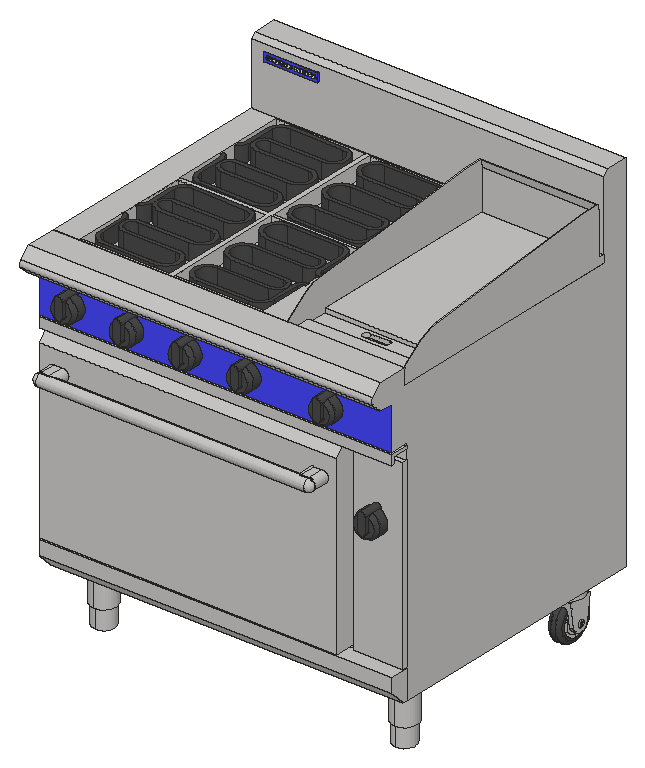
Revit family "QF_MOFFAT_BLUESEAL_CE_E56C", category Specialty Equipment, Revit 2012 (continued)
Definition of nested family "ELECTRIC BURNER 600 & GRIDDLE 300"
  Forms (mm)
    Extrusion 2, solid, material "QF_Finishes_Black"
      sketch origin (0, 15.7, 0) x (0, -1, 0) y (1, 0, 0)
        loop
          arc (60.914, 524.088) -> (35.349, 512.487) -> (25.45, 486.216) r 36.722
          line (25.45, 486.216) -> (25.45, 353.788)
          arc (25.45, 353.788) -> (63.15, 316.088) -> (100.85, 353.788) r 37.7
          line (100.85, 353.788) -> (100.85, 486.388)
          arc (100.85, 486.388) -> (118.55, 504.088) -> (136.25, 486.388) r 17.7
          line (136.25, 486.388) -> (136.25, 353.788)
          arc (136.25, 353.788) -> (173.95, 316.088) -> (211.65, 353.788) r 37.7
          line (211.65, 353.788) -> (211.65, 486.388)
          arc (211.65, 486.388) -> (229.35, 504.088) -> (247.05, 486.388) r 17.7
          line (247.05, 486.388) -> (247.05, 353.788)
          arc (247.05, 353.788) -> (284.75, 316.088) -> (322.45, 353.788) r 37.7
          line (322.45, 353.788) -> (322.45, 486.216)
          arc (322.45, 486.216) -> (312.551, 512.487) -> (286.986, 524.088) r 36.722
          line (286.986, 524.088) -> (215.719, 524.088)
          arc (215.719, 524.088) -> (206.91, 527.036) -> (201.232, 534.388) r 15.973
          line (201.232, 534.388) -> (190.819, 534.388)
          arc (190.819, 534.388) -> (199.705, 519.963) -> (215.596, 514.088) r 25.973
          line (215.596, 514.088) -> (286.804, 514.088)
          arc (286.804, 514.088) -> (305.355, 505.541) -> (312.45, 486.388) r 26.722
          line (312.45, 486.388) -> (312.45, 353.788)
          arc (312.45, 353.788) -> (284.75, 326.088) -> (257.05, 353.788) r 27.7
          line (257.05, 353.788) -> (257.05, 485.763)
          arc (257.05, 485.763) -> (229.35, 513.463) -> (201.65, 485.763) r 27.7
          line (201.65, 485.763) -> (201.65, 353.788)
          arc (201.65, 353.788) -> (173.95, 326.088) -> (146.25, 353.788) r 27.7
          line (146.25, 353.788) -> (146.25, 486.231)
          arc (146.25, 486.231) -> (118.55, 513.931) -> (90.85, 486.231) r 27.7
          line (90.85, 486.231) -> (90.85, 353.788)
          arc (90.85, 353.788) -> (63.15, 326.088) -> (35.45, 353.788) r 27.7
          line (35.45, 353.788) -> (35.45, 486.388)
          arc (35.45, 486.388) -> (42.545, 505.541) -> (61.096, 514.088) r 26.722
          line (61.096, 514.088) -> (132.304, 514.088)
          arc (132.304, 514.088) -> (148.172, 519.952) -> (156.993, 534.388) r 25.79
        loop
          line (469.581, 534.388) -> (459.168, 534.388)
          arc (459.168, 534.388) -> (453.49, 527.036) -> (444.681, 524.088) r 15.973
          line (444.681, 524.088) -> (373.414, 524.088)
          arc (373.414, 524.088) -> (347.849, 512.487) -> (337.95, 486.216) r 36.722
          line (337.95, 486.216) -> (337.95, 353.788)
          arc (337.95, 353.788) -> (375.65, 316.088) -> (413.35, 353.788) r 37.7
          line (413.35, 353.788) -> (413.35, 486.388)
          arc (413.35, 486.388) -> (431.05, 504.088) -> (448.75, 486.388) r 17.7
          line (448.75, 486.388) -> (448.75, 353.788)
          arc (448.75, 353.788) -> (486.45, 316.088) -> (524.15, 353.788) r 37.7
          line (524.15, 353.788) -> (524.15, 486.388)
          arc (524.15, 486.388) -> (541.85, 504.088) -> (559.55, 486.388) r 17.7
          line (559.55, 486.388) -> (559.55, 353.788)
          arc (559.55, 353.788) -> (597.25, 316.088) -> (634.95, 353.788) r 37.7
          line (634.95, 353.788) -> (634.95, 486.216)
          arc (634.95, 486.216) -> (625.051, 512.487) -> (599.486, 524.088) r 36.722
          line (599.486, 524.088) -> (528.207, 524.088)
          arc (528.207, 524.088) -> (519.162, 527.219) -> (513.588, 535) r 15.79
          line (513.588, 535) -> (503.282, 535)
          arc (503.282, 535) -> (511.987, 520.152) -> (528.096, 514.088) r 25.79
          line (528.096, 514.088) -> (599.304, 514.088)
          arc (599.304, 514.088) -> (617.855, 505.541) -> (624.95, 486.388) r 26.722
          line (624.95, 486.388) -> (624.95, 353.788)
          arc (624.95, 353.788) -> (597.25, 326.088) -> (569.55, 353.788) r 27.7
          line (569.55, 353.788) -> (569.55, 485.138)
          arc (569.55, 485.138) -> (541.85, 512.838) -> (514.15, 485.138) r 27.7
          line (514.15, 485.138) -> (514.15, 353.788)
          arc (514.15, 353.788) -> (486.45, 326.088) -> (458.75, 353.788) r 27.7
          line (458.75, 353.788) -> (458.75, 485.138)
          arc (458.75, 485.138) -> (431.05, 512.838) -> (403.35, 485.138) r 27.7
          line (403.35, 485.138) -> (403.35, 353.788)
          arc (403.35, 353.788) -> (375.65, 326.088) -> (347.95, 353.788) r 27.7
          line (347.95, 353.788) -> (347.95, 486.388)
          arc (347.95, 486.388) -> (355.045, 505.541) -> (373.596, 514.088) r 26.722
          line (373.596, 514.088) -> (444.804, 514.088)
          arc (444.804, 514.088) -> (460.695, 519.963) -> (469.581, 534.388) r 25.973
      from 0 to 40
  Lines and regions (mm)
    symbolic lines
      curve 1: line (0, -635, 0) -> (600, -635, 0)
      curve 2: line (0, -635, 0) -> (65.8, -635, 0)
      curve 3: line (65.8, -635, 0) -> (65.8, -320.251, 0)
      curve 4: line (65.8, -320.251, 0) -> (294.362, -320.251, 0)
      curve 5: line (294.362, -634.701, 0) -> (305.638, -634.701, 0)
      curve 6: line (305.638, -320.251, 0) -> (534.388, -320.251, 0)
      curve 7: line (534.388, -320.251, 0) -> (534.388, -635, 0)
      curve 8: line (534.388, -635, 0) -> (600, -635, 0)
      curve 9: line (353.788, -19.75, 0) -> (486.388, -19.75, 0)
      curve 10: arc (486.388, -19.75, 0) -> (505.541, -26.845, 0) -> (514.088, -45.396, 0) r 26.722
      curve 11: line (514.088, -45.396, 0) -> (514.088, -116.604, 0)
      curve 12: arc (514.088, -116.604, 0) -> (519.952, -132.472, 0) -> (534.388, -141.293, 0) r 25.79
      curve 13: line (534.388, -141.293, 0) -> (534.388, -130.9, 0)
      curve 14: arc (534.388, -130.9, 0) -> (527.028, -125.276, 0) -> (524.088, -116.493, 0) r 15.79
      curve 15: line (524.088, -116.493, 0) -> (524.088, -45.214, 0)
      curve 16: arc (524.088, -45.214, 0) -> (512.487, -19.649, 0) -> (486.216, -9.75, 0) r 36.722
      curve 17: line (486.216, -9.75, 0) -> (353.788, -9.75, 0)
      curve 18: arc (353.788, -9.75, 0) -> (316.088, -47.45, 0) -> (353.788, -85.15, 0) r 37.7
      curve 19: line (353.788, -85.15, 0) -> (486.388, -85.15, 0)
      curve 20: arc (486.388, -85.15, 0) -> (504.088, -102.85, 0) -> (486.388, -120.55, 0) r 17.7
      curve 21: line (486.388, -120.55, 0) -> (353.788, -120.55, 0)
      curve 22: arc (353.788, -120.55, 0) -> (316.088, -158.25, 0) -> (353.788, -195.95, 0) r 37.7
      curve 23: line (353.788, -195.95, 0) -> (486.388, -195.95, 0)
      curve 24: arc (486.388, -195.95, 0) -> (504.088, -213.65, 0) -> (486.388, -231.35, 0) r 17.7
      curve 25: line (486.388, -231.35, 0) -> (353.788, -231.35, 0)
      curve 26: arc (353.788, -231.35, 0) -> (316.088, -269.05, 0) -> (353.788, -306.75, 0) r 37.7
      curve 27: line (353.788, -306.75, 0) -> (486.216, -306.75, 0)
      curve 28: arc (486.216, -306.75, 0) -> (512.487, -296.851, 0) -> (524.088, -271.286, 0) r 36.722
      curve 29: line (524.088, -271.286, 0) -> (524.088, -200.019, 0)
      curve 30: arc (524.088, -200.019, 0) -> (527.036, -191.21, 0) -> (534.388, -185.532, 0) r 15.973
      curve 31: line (534.388, -185.532, 0) -> (534.388, -175.119, 0)
      curve 32: arc (534.388, -175.119, 0) -> (519.963, -184.005, 0) -> (514.088, -199.896, 0) r 25.973
      curve 33: line (514.088, -199.896, 0) -> (514.088, -271.104, 0)
      curve 34: arc (514.088, -271.104, 0) -> (505.541, -289.655, 0) -> (486.388, -296.75, 0) r 26.722
      curve 35: line (486.388, -296.75, 0) -> (353.788, -296.75, 0)
      curve 36: arc (353.788, -296.75, 0) -> (326.088, -269.05, 0) -> (353.788, -241.35, 0) r 27.7
      curve 37: line (353.788, -241.35, 0) -> (485.763, -241.35, 0)
      curve 38: arc (485.763, -241.35, 0) -> (513.463, -213.65, 0) -> (485.763, -185.95, 0) r 27.7
      curve 39: line (485.763, -185.95, 0) -> (353.788, -185.95, 0)
      curve 40: arc (353.788, -185.95, 0) -> (326.088, -158.25, 0) -> (353.788, -130.55, 0) r 27.7
      curve 41: line (353.788, -130.55, 0) -> (486.231, -130.55, 0)
      curve 42: arc (486.231, -130.55, 0) -> (513.931, -102.85, 0) -> (486.231, -75.15, 0) r 27.7
      curve 43: line (486.231, -75.15, 0) -> (353.788, -75.15, 0)
      curve 44: arc (353.788, -75.15, 0) -> (326.088, -47.45, 0) -> (353.788, -19.75, 0) r 27.7
      curve 45: line (113.612, -19.75, 0) -> (246.212, -19.75, 0)
      curve 46: arc (246.212, -19.75, 0) -> (273.912, -47.45, 0) -> (246.212, -75.15, 0) r 27.7
      curve 47: line (246.212, -75.15, 0) -> (113.769, -75.15, 0)
      curve 48: arc (113.769, -75.15, 0) -> (86.069, -102.85, 0) -> (113.769, -130.55, 0) r 27.7
      curve 49: line (113.769, -130.55, 0) -> (246.212, -130.55, 0)
      curve 50: arc (246.212, -130.55, 0) -> (273.912, -158.25, 0) -> (246.212, -185.95, 0) r 27.7
      curve 51: line (246.212, -185.95, 0) -> (114.237, -185.95, 0)
      curve 52: arc (114.237, -185.95, 0) -> (86.537, -213.65, 0) -> (114.237, -241.35, 0) r 27.7
      curve 53: line (114.237, -241.35, 0) -> (246.212, -241.35, 0)
      curve 54: arc (246.212, -241.35, 0) -> (273.912, -269.05, 0) -> (246.212, -296.75, 0) r 27.7
      curve 55: line (246.212, -296.75, 0) -> (113.612, -296.75, 0)
      curve 56: arc (113.612, -296.75, 0) -> (94.459, -289.655, 0) -> (85.912, -271.104, 0) r 26.722
      curve 57: line (85.912, -271.104, 0) -> (85.912, -199.896, 0)
      curve 58: arc (85.912, -199.896, 0) -> (80.037, -184.005, 0) -> (65.612, -175.119, 0) r 25.973
      curve 59: line (65.612, -175.119, 0) -> (65.612, -185.532, 0)
      curve 60: arc (65.612, -185.532, 0) -> (72.964, -191.21, 0) -> (75.912, -200.019, 0) r 15.973
      curve 61: line (75.912, -200.019, 0) -> (75.912, -271.286, 0)
      curve 62: arc (75.912, -271.286, 0) -> (87.513, -296.851, 0) -> (113.784, -306.75, 0) r 36.722
      curve 63: line (113.784, -306.75, 0) -> (246.212, -306.75, 0)
      curve 64: arc (246.212, -306.75, 0) -> (283.912, -269.05, 0) -> (246.212, -231.35, 0) r 37.7
      curve 65: line (246.212, -231.35, 0) -> (113.612, -231.35, 0)
      curve 66: arc (113.612, -231.35, 0) -> (95.912, -213.65, 0) -> (113.612, -195.95, 0) r 17.7
      curve 67: line (113.612, -195.95, 0) -> (246.212, -195.95, 0)
      curve 68: arc (246.212, -195.95, 0) -> (283.912, -158.25, 0) -> (246.212, -120.55, 0) r 37.7
      curve 69: line (246.212, -120.55, 0) -> (113.612, -120.55, 0)
      curve 70: arc (113.612, -120.55, 0) -> (95.912, -102.85, 0) -> (113.612, -85.15, 0) r 17.7
      curve 71: line (113.612, -85.15, 0) -> (246.212, -85.15, 0)
      curve 72: arc (246.212, -85.15, 0) -> (283.912, -47.45, 0) -> (246.212, -9.75, 0) r 37.7
      curve 73: line (246.212, -9.75, 0) -> (113.784, -9.75, 0)
      curve 74: arc (113.784, -9.75, 0) -> (87.513, -19.649, 0) -> (75.912, -45.214, 0) r 36.722
      curve 75: line (75.912, -45.214, 0) -> (75.912, -116.493, 0)
      curve 76: arc (75.912, -116.493, 0) -> (72.972, -125.276, 0) -> (65.612, -130.9, 0) r 15.79
      curve 77: line (65.612, -130.9, 0) -> (65.612, -141.293, 0)
      curve 78: arc (65.612, -141.293, 0) -> (80.048, -132.472, 0) -> (85.912, -116.604, 0) r 25.79
      curve 79: line (85.912, -116.604, 0) -> (85.912, -45.396, 0)
      curve 80: arc (85.912, -45.396, 0) -> (94.459, -26.845, 0) -> (113.612, -19.75, 0) r 26.722
      curve 81: line (246.212, -387.65, 0) -> (114.862, -387.65, 0)
      curve 82: arc (114.862, -387.65, 0) -> (87.162, -415.35, 0) -> (114.862, -443.05, 0) r 27.7
      curve 83: line (114.862, -443.05, 0) -> (246.212, -443.05, 0)
      curve 84: arc (246.212, -443.05, 0) -> (273.912, -470.75, 0) -> (246.212, -498.45, 0) r 27.7
      curve 85: line (246.212, -498.45, 0) -> (114.862, -498.45, 0)
      curve 86: arc (114.862, -498.45, 0) -> (87.162, -526.15, 0) -> (114.862, -553.85, 0) r 27.7
      curve 87: line (114.862, -553.85, 0) -> (246.212, -553.85, 0)
      curve 88: arc (246.212, -553.85, 0) -> (273.912, -581.55, 0) -> (246.212, -609.25, 0) r 27.7
      curve 89: line (246.212, -609.25, 0) -> (113.612, -609.25, 0)
      curve 90: arc (113.612, -609.25, 0) -> (94.459, -602.155, 0) -> (85.912, -583.604, 0) r 26.722
      curve 91: line (85.912, -583.604, 0) -> (85.912, -512.396, 0)
      curve 92: arc (85.912, -512.396, 0) -> (79.848, -496.287, 0) -> (65, -487.582, 0) r 25.79
      curve 93: line (65, -487.582, 0) -> (65, -497.888, 0)
      curve 94: arc (65, -497.888, 0) -> (72.781, -503.462, 0) -> (75.912, -512.507, 0) r 15.79
      curve 95: line (75.912, -512.507, 0) -> (75.912, -583.786, 0)
      curve 96: arc (75.912, -583.786, 0) -> (87.513, -609.351, 0) -> (113.784, -619.25, 0) r 36.722
      curve 97: line (113.784, -619.25, 0) -> (246.212, -619.25, 0)
      curve 98: arc (246.212, -619.25, 0) -> (283.912, -581.55, 0) -> (246.212, -543.85, 0) r 37.7
      curve 99: line (246.212, -543.85, 0) -> (113.612, -543.85, 0)
      curve 100: arc (113.612, -543.85, 0) -> (95.912, -526.15, 0) -> (113.612, -508.45, 0) r 17.7
      curve 101: line (113.612, -508.45, 0) -> (246.212, -508.45, 0)
      curve 102: arc (246.212, -508.45, 0) -> (283.912, -470.75, 0) -> (246.212, -433.05, 0) r 37.7
      curve 103: line (246.212, -433.05, 0) -> (113.612, -433.05, 0)
      curve 104: arc (113.612, -433.05, 0) -> (95.912, -415.35, 0) -> (113.612, -397.65, 0) r 17.7
      curve 105: line (113.612, -397.65, 0) -> (246.212, -397.65, 0)
      curve 106: arc (246.212, -397.65, 0) -> (283.912, -359.95, 0) -> (246.212, -322.25, 0) r 37.7
      curve 107: line (246.212, -322.25, 0) -> (113.784, -322.25, 0)
      curve 108: arc (113.784, -322.25, 0) -> (87.513, -332.149, 0) -> (75.912, -357.714, 0) r 36.722
      curve 109: line (75.912, -357.714, 0) -> (75.912, -428.981, 0)
      curve 110: arc (75.912, -428.981, 0) -> (72.964, -437.79, 0) -> (65.612, -443.468, 0) r 15.973
      curve 111: line (65.612, -443.468, 0) -> (65.612, -453.881, 0)
      curve 112: arc (65.612, -453.881, 0) -> (80.037, -444.995, 0) -> (85.912, -429.104, 0) r 25.973
      curve 113: line (85.912, -429.104, 0) -> (85.912, -357.896, 0)
      curve 114: arc (85.912, -357.896, 0) -> (94.459, -339.345, 0) -> (113.612, -332.25, 0) r 26.722
      curve 115: line (113.612, -332.25, 0) -> (246.212, -332.25, 0)
      curve 116: arc (246.212, -332.25, 0) -> (273.912, -359.95, 0) -> (246.212, -387.65, 0) r 27.7
      curve 117: line (353.788, -397.65, 0) -> (486.388, -397.65, 0)
      curve 118: arc (486.388, -397.65, 0) -> (504.088, -415.35, 0) -> (486.388, -433.05, 0) r 17.7
      curve 119: line (486.388, -433.05, 0) -> (353.788, -433.05, 0)
      curve 120: arc (353.788, -433.05, 0) -> (316.088, -470.75, 0) -> (353.788, -508.45, 0) r 37.7
      curve 121: line (353.788, -508.45, 0) -> (486.388, -508.45, 0)
      curve 122: arc (486.388, -508.45, 0) -> (504.088, -526.15, 0) -> (486.388, -543.85, 0) r 17.7
      curve 123: line (486.388, -543.85, 0) -> (353.788, -543.85, 0)
      curve 124: arc (353.788, -543.85, 0) -> (316.088, -581.55, 0) -> (353.788, -619.25, 0) r 37.7
      curve 125: line (353.788, -619.25, 0) -> (486.216, -619.25, 0)
      curve 126: arc (486.216, -619.25, 0) -> (512.487, -609.351, 0) -> (524.088, -583.786, 0) r 36.722
      curve 127: line (524.088, -583.786, 0) -> (524.088, -512.507, 0)
      curve 128: arc (524.088, -512.507, 0) -> (527.219, -503.462, 0) -> (535, -497.888, 0) r 15.79
      curve 129: line (535, -497.888, 0) -> (535, -487.582, 0)
      curve 130: arc (535, -487.582, 0) -> (520.152, -496.287, 0) -> (514.088, -512.396, 0) r 25.79
      curve 131: line (514.088, -512.396, 0) -> (514.088, -583.604, 0)
      curve 132: arc (514.088, -583.604, 0) -> (505.541, -602.155, 0) -> (486.388, -609.25, 0) r 26.722
      curve 133: line (486.388, -609.25, 0) -> (353.788, -609.25, 0)
      curve 134: arc (353.788, -609.25, 0) -> (326.088, -581.55, 0) -> (353.788, -553.85, 0) r 27.7
      curve 135: line (353.788, -553.85, 0) -> (485.138, -553.85, 0)
      curve 136: arc (485.138, -553.85, 0) -> (512.838, -526.15, 0) -> (485.138, -498.45, 0) r 27.7
      curve 137: line (485.138, -498.45, 0) -> (353.788, -498.45, 0)
      curve 138: arc (353.788, -498.45, 0) -> (326.088, -470.75, 0) -> (353.788, -443.05, 0) r 27.7
      curve 139: line (353.788, -443.05, 0) -> (485.138, -443.05, 0)
      curve 140: arc (485.138, -443.05, 0) -> (512.838, -415.35, 0) -> (485.138, -387.65, 0) r 27.7
      curve 141: line (485.138, -387.65, 0) -> (353.788, -387.65, 0)
      curve 142: arc (353.788, -387.65, 0) -> (326.088, -359.95, 0) -> (353.788, -332.25, 0) r 27.7
      curve 143: line (353.788, -332.25, 0) -> (486.388, -332.25, 0)
      curve 144: arc (486.388, -332.25, 0) -> (505.541, -339.345, 0) -> (514.088, -357.896, 0) r 26.722
      curve 145: line (514.088, -357.896, 0) -> (514.088, -429.104, 0)
      curve 146: arc (514.088, -429.104, 0) -> (519.963, -444.995, 0) -> (534.388, -453.881, 0) r 25.973
      curve 147: line (534.388, -453.881, 0) -> (534.388, -443.468, 0)
      curve 148: arc (534.388, -443.468, 0) -> (527.036, -437.79, 0) -> (524.088, -428.981, 0) r 15.973
      curve 149: line (524.088, -428.981, 0) -> (524.088, -357.714, 0)
      curve 150: arc (524.088, -357.714, 0) -> (512.487, -332.149, 0) -> (486.216, -322.25, 0) r 36.722
      curve 151: line (486.216, -322.25, 0) -> (353.788, -322.25, 0)
      curve 152: arc (353.788, -322.25, 0) -> (316.088, -359.95, 0) -> (353.788, -397.65, 0) r 37.7
      curve 153: line (0, 0, 0) -> (0, -635, 0)
      curve 154: line (0, -635, 0) -> (600, -635, 0)
      curve 155: line (600, -635, 0) -> (600, 0, 0)
      curve 156: line (600, 0, 0) -> (0, 0, 0)
      curve 157: line (65.8, -320.251, 0) -> (294.362, -320.251, 0)
      curve 158: line (294.362, -320.251, 0) -> (294.362, -630, 0)
      curve 159: line (294.362, -630, 0) -> (65.8, -630, 0)
      curve 160: line (65.8, -630, 0) -> (65.8, -320.251, 0)
      curve 161: line (305.638, -320.251, 0) -> (534.388, -320.251, 0)
      curve 162: line (534.388, -320.251, 0) -> (534.388, -630, 0)
      curve 163: line (534.388, -630, 0) -> (305.638, -630, 0)
      curve 164: line (305.638, -630, 0) -> (305.638, -320.251, 0)
      curve 165: line (305.638, -312.651, 0) -> (305.638, -5, 0)
      curve 166: line (305.638, -5, 0) -> (534.388, -5, 0)
      curve 167: line (534.388, -5, 0) -> (534.388, -312.651, 0)
      curve 168: line (534.388, -312.651, 0) -> (305.638, -312.651, 0)
      curve 169: line (65.8, -312.651, 0) -> (65.8, -5, 0)
      curve 170: line (65.8, -5, 0) -> (294.362, -5, 0)
      curve 171: line (294.362, -5, 0) -> (294.362, -312.651, 0)
      curve 172: line (294.362, -312.651, 0) -> (65.8, -312.651, 0)
  Dimensions and locks
    equal spacing: plane 3 "LEFT", plane 7 "Center Y", plane 4 "RIGHT"
    "Width": plane 3 "LEFT" to plane 4 "RIGHT"
    equal spacing: plane 5 "FRONT", plane 8 "Center X", plane 1 "BACK"
    "Depth": plane 5 "FRONT" to plane 1 "BACK"
    aligned and locked: level to plane 2
  Automatic sketch dimensions
    curve 10 to curve 16 = 0 mm  (x2)
    curve 12 to curve 14 = 0 mm  (x2)
    curve 18 to curve 44 = 0 mm  (x2)
    curve 22 to curve 40 = 0 mm  (x2)
    curve 26 to curve 36 = 0 mm  (x2)
    curve 28 to curve 34 = 0 mm  (x2)
    curve 30 to curve 32 = 0 mm  (x2)
    curve 46 to curve 72 = 0 mm  (x2)
    curve 50 to curve 68 = 0 mm  (x2)
    curve 54 to curve 64 = 0 mm  (x2)
    curve 56 to curve 62 = 0 mm  (x2)
    curve 58 to curve 60 = 0 mm  (x2)
    curve 74 to curve 80 = 0 mm  (x2)
    curve 76 to curve 78 = 0 mm  (x2)
    curve 84 to curve 102 = 0 mm  (x2)
    curve 88 to curve 98 = 0 mm  (x2)
    curve 90 to curve 96 = 0 mm  (x2)
    curve 92 to curve 94 = 0 mm  (x2)
    curve 106 to curve 116 = 0 mm  (x2)
    curve 108 to curve 114 = 0 mm  (x2)
    curve 110 to curve 112 = 0 mm  (x2)
    curve 120 to curve 138 = 0 mm  (x2)
    curve 124 to curve 134 = 0 mm  (x2)
    curve 126 to curve 132 = 0 mm  (x2)
    curve 128 to curve 130 = 0 mm  (x2)
    curve 142 to curve 152 = 0 mm  (x2)
    curve 144 to curve 150 = 0 mm  (x2)
    curve 146 to curve 148 = 0 mm  (x2)
    curve 154 to plane 3 "LEFT" = 0 mm
    plane 5 "FRONT" to curve 1 = 0 mm
    plane 1 "BACK" to curve 155 = 0 mm
    plane 3 "LEFT" to curve 110 = 59.946 mm
    plane 3 "LEFT" to curve 60 = 59.946 mm
    plane 3 "LEFT" to curve 78 = 60.128 mm
    plane 3 "LEFT" to curve 94 = 60.128 mm
    curve 92 to curve 94 = 4.872 mm
    curve 76 to curve 77 = 5.484 mm
    curve 110 to curve 112 = 5.667 mm
    curve 58 to curve 60 = 5.667 mm
    plane 8 "Center X" to curve 172 = 4.849 mm
    plane 3 "LEFT" to curve 172 = 65.8 mm
    curve 92 to curve 94 = 15.784 mm
    curve 169 to curve 74 = 10.112 mm
    curve 159 to curve 96 = 10.112 mm
    curve 169 to curve 61 = 10.112 mm
    curve 110 to curve 110 = 15.967 mm
    curve 60 to curve 57 = 10 mm
    curve 110 to curve 112 = 10 mm
    curve 74 to curve 80 = 10 mm
    curve 95 to curve 90 = 10 mm
    curve 113 to curve 114 = 26.701 mm
    curve 91 to curve 96 = 26.701 mm
    curve 57 to curve 56 = 26.701 mm
    curve 91 to curve 101 = 27.7 mm
    curve 74 to curve 71 = 0.999 mm
    curve 56 to curve 65 = 0.999 mm
    curve 112 to curve 103 = 27.7 mm
    curve 74 to curve 80 = 0.999 mm
    curve 108 to curve 114 = 0.999 mm
    curve 56 to curve 55 = 0.999 mm
    curve 90 to curve 90 = 0.999 mm
    curve 69 to curve 48 = 0.156 mm
    curve 89 to curve 97 = 0.172 mm
    curve 55 to curve 63 = 0.172 mm
    curve 45 to curve 73 = 0.172 mm
    curve 108 to plane 8 "Center X" = 4.75 mm
    curve 115 to curve 108 = 0.172 mm
    curve 66 to curve 52 = 0.625 mm
    curve 99 to curve 87 = 1.25 mm
    curve 104 to curve 82 = 1.25 mm
    curve 89 to plane 5 "FRONT" = 25.75 mm
    curve 89 to curve 89 = 132.6 mm
    curve 55 to curve 54 = 132.6 mm
    curve 51 to curve 64 = 0 mm
    curve 47 to curve 68 = 0 mm
    curve 101 to curve 99 = 0 mm
    curve 105 to curve 103 = 0 mm
    curve 64 to curve 171 = 48.15 mm
    curve 4 to plane 8 "Center X" = 2.751 mm
    curve 4 to curve 171 = 0 mm
    curve 5 to plane 5 "FRONT" = 0.299 mm
    curve 5 to curve 158 = 0 mm
    plane 8 "Center X" to curve 168 = 4.849 mm
    plane 1 "BACK" to curve 165 = 5 mm
    curve 170 to curve 165 = 11.275 mm
    curve 164 to plane 8 "Center X" = 2.751 mm
    curve 164 to curve 165 = 0 mm
    curve 5 to curve 163 = 0 mm
    curve 165 to curve 44 = 48.15 mm
    curve 163 to curve 134 = 48.15 mm
    curve 6 to curve 152 = 48.15 mm
    curve 137 to curve 124 = 0 mm
    curve 41 to curve 18 = 0 mm
    curve 37 to curve 22 = 0 mm
    plane 7 "Center Y" to curve 136 = 35.138 mm
    plane 7 "Center Y" to curve 139 = 35.138 mm
    plane 7 "Center Y" to curve 39 = 35.763 mm
    plane 1 "BACK" to curve 16 = 9.75 mm
    plane 7 "Center Y" to curve 16 = 36.216 mm
    curve 151 to plane 8 "Center X" = 4.75 mm
    curve 27 to curve 150 = 0 mm
    curve 126 to plane 5 "FRONT" = 15.75 mm
    plane 7 "Center Y" to curve 126 = 36.216 mm
    curve 140 to curve 119 = 1.25 mm
    curve 137 to curve 122 = 1.25 mm
    curve 150 to curve 143 = 0.172 mm
    curve 42 to curve 20 = 0.156 mm
    curve 39 to curve 24 = 0.625 mm
    curve 27 to curve 35 = 0.172 mm
    curve 16 to curve 10 = 0.172 mm
    curve 125 to curve 132 = 0.172 mm
    curve 143 to curve 144 = 0.999 mm
    curve 132 to curve 132 = 0.999 mm
    curve 10 to curve 16 = 0.999 mm
    curve 34 to curve 28 = 0.999 mm
    curve 28 to curve 33 = 26.701 mm
    curve 121 to curve 130 = 27.7 mm
    curve 20 to curve 12 = 27.7 mm
    curve 119 to curve 146 = 27.7 mm
    curve 10 to curve 10 = 26.701 mm
    curve 145 to curve 149 = 10 mm
    curve 131 to curve 126 = 10 mm
    curve 33 to curve 29 = 10 mm
    curve 10 to curve 16 = 10 mm
    curve 15 to curve 167 = 10.3 mm
    curve 14 to curve 13 = 10.3 mm
    curve 125 to curve 8 = 48.172 mm
    curve 29 to curve 31 = 10.3 mm
    curve 148 to curve 148 = 10.3 mm
    curve 127 to curve 130 = 10.912 mm
    curve 127 to curve 130 = 15.784 mm
    curve 13 to curve 14 = 5.484 mm
    curve 148 to curve 148 = 15.967 mm
    curve 29 to curve 32 = 15.967 mm
    curve 7 to curve 154 = 65.612 mm
    curve 162 to plane 5 "FRONT" = 5 mm
    curve 5 to curve 159 = 4.701 mm
    curve 125 to curve 134 = 10 mm
    curve 90 to curve 95 = 25.464 mm
    curve 132 to curve 126 = 25.464 mm
    curve 133 to curve 124 = 27.7 mm
    curve 89 to curve 88 = 27.7 mm
    curve 99 to curve 100 = 17.7 mm
    curve 123 to curve 136 = 17.7 mm
    curve 136 to curve 122 = 0 mm
    curve 100 to curve 86 = 0 mm
    curve 128 to curve 122 = 4.457 mm
    curve 94 to curve 100 = 4.457 mm
    curve 92 to curve 95 = 0.4 mm
    curve 128 to curve 127 = 0.4 mm
    curve 127 to curve 131 = 0.111 mm
    curve 94 to curve 91 = 0.111 mm
    curve 137 to curve 138 = 27.7 mm
    curve 93 to curve 112 = 33.7 mm
    curve 146 to curve 148 = 10.413 mm
    curve 112 to curve 110 = 10.413 mm
    curve 147 to curve 140 = 0.418 mm
    curve 83 to curve 103 = 10 mm
    curve 148 to curve 146 = 14.364 mm
    curve 110 to curve 112 = 14.364 mm
    curve 103 to curve 82 = 17.7 mm
    curve 119 to curve 118 = 17.7 mm
    curve 140 to curve 118 = 0 mm
    curve 104 to curve 82 = 0 mm
    curve 116 to curve 116 = 27.7 mm
    curve 144 to curve 145 = 1.058 mm
    curve 114 to curve 108 = 0.182 mm
    curve 144 to curve 149 = 0.182 mm
    plane 8 "Center X" to curve 27 = 10.75 mm
    plane 8 "Center X" to curve 62 = 10.75 mm
    curve 63 to curve 54 = 10 mm
    curve 27 to curve 36 = 10 mm
    curve 35 to curve 26 = 27.7 mm
    curve 54 to curve 54 = 27.7 mm
    curve 56 to curve 52 = 28.696 mm
    curve 28 to curve 38 = 28.696 mm
    curve 65 to curve 66 = 17.7 mm
    curve 25 to curve 38 = 17.7 mm
    curve 38 to curve 24 = 0 mm
    curve 66 to curve 52 = 0 mm
    curve 30 to curve 24 = 4.516 mm
    curve 58 to curve 66 = 4.516 mm
    curve 58 to curve 61 = 0.447 mm
    curve 30 to curve 29 = 0.447 mm
    curve 60 to curve 57 = 0.123 mm
    curve 29 to curve 32 = 0.123 mm
    curve 50 to curve 68 = 27.7 mm
    curve 58 to curve 77 = 33.826 mm
    curve 77 to curve 76 = 10.393 mm
    curve 12 to curve 14 = 10.393 mm
    curve 13 to curve 42 = 0.35 mm
    curve 76 to curve 79 = 14.296 mm
    curve 13 to curve 12 = 14.296 mm
    curve 20 to curve 42 = 17.7 mm
    curve 69 to curve 70 = 17.7 mm
    curve 42 to curve 20 = 0 mm
    curve 70 to curve 48 = 0 mm
    curve 43 to curve 18 = 27.7 mm
    curve 46 to curve 46 = 27.7 mm
    curve 74 to curve 79 = 1.058 mm
    curve 11 to curve 16 = 0.182 mm
    curve 79 to curve 75 = 0.182 mm
    plane 1 "BACK" to curve 171 = 5 mm
    plane 1 "BACK" to Extrusion 1 sketch curve = 0 mm
    Extrusion 1 sketch curve to plane 9 = 0 mm  (x2)
    Extrusion 1 sketch curve to plane 3 "LEFT" = 0 mm
    plane 5 "FRONT" to Extrusion 1 sketch curve = 0 mm
    plane 1 "BACK" to Extrusion 1 sketch curve = 5 mm  (x2)
    plane 8 "Center X" to Extrusion 1 sketch curve = 4.849 mm  (x2)
    Extrusion 1 sketch curve to plane 8 "Center X" = 2.751 mm  (x2)
    Extrusion 1 sketch curve to plane 5 "FRONT" = 5 mm  (x2)
    Extrusion 1 sketch curve to plane 7 "Center Y" = 155.638 mm
    Extrusion 1 sketch curve to Extrusion 1 sketch curve = 0 mm  (x3)
    Extrusion 1 sketch curve to Extrusion 1 sketch curve = 11.275 mm
    plane 7 "Center Y" to Extrusion 1 sketch curve = 84.388 mm
    Extrusion 1 sketch curve to Extrusion 1 sketch curve = 65.612 mm
    Extrusion 2 sketch curve to Extrusion 2 sketch curve = 0 mm  (x72)
    plane 1 "BACK" to Extrusion 2 sketch curve = 9.75 mm  (x2)
    Extrusion 2 sketch curve to Extrusion 2 sketch curve = 10 mm  (x4)
    plane 1 "BACK" to Extrusion 2 sketch curve = 45.214 mm  (x2)
    Extrusion 2 sketch curve to Extrusion 2 sketch curve = 0.182 mm  (x8)
    Extrusion 2 sketch curve to Extrusion 2 sketch curve = 26.704 mm  (x7)
    Extrusion 2 sketch curve to Extrusion 2 sketch curve = 1.058 mm  (x5)
    Extrusion 2 sketch curve to Extrusion 2 sketch curve = 27.7 mm  (x14)
    Extrusion 2 sketch curve to Extrusion 2 sketch curve = 17.7 mm  (x8)
    Extrusion 2 sketch curve to Extrusion 2 sketch curve = 4.457 mm  (x2)
    Extrusion 2 sketch curve to Extrusion 2 sketch curve = 0.4 mm  (x3)
    Extrusion 2 sketch curve to Extrusion 2 sketch curve = 0.111 mm  (x4)
    Extrusion 2 sketch curve to Extrusion 2 sketch curve = 14.806 mm  (x2)
    Extrusion 2 sketch curve to Extrusion 2 sketch curve = 10.393 mm  (x2)
    Extrusion 2 sketch curve to Extrusion 2 sketch curve = 33.826 mm  (x2)
    Extrusion 2 sketch curve to Extrusion 2 sketch curve = 10.413 mm  (x4)
    Extrusion 2 sketch curve to Extrusion 2 sketch curve = 14.364 mm  (x2)
    Extrusion 2 sketch curve to Extrusion 2 sketch curve = 0.123 mm  (x4)
    Extrusion 2 sketch curve to Extrusion 2 sketch curve = 0.447 mm  (x3)
    Extrusion 2 sketch curve to Extrusion 2 sketch curve = 14.934 mm  (x3)
    Extrusion 2 sketch curve to plane 8 "Center X" = 4.75 mm  (x2)
    Extrusion 2 sketch curve to plane 8 "Center X" = 40.214 mm  (x2)
    Extrusion 2 sketch curve to Extrusion 2 sketch curve = 4.516 mm  (x2)
    Extrusion 2 sketch curve to Extrusion 2 sketch curve = 33.7 mm  (x2)
    Extrusion 2 sketch curve to Extrusion 2 sketch curve = 10.306 mm  (x2)
    Extrusion 2 sketch curve to Extrusion 2 sketch curve = 14.508 mm  (x2)
    Extrusion 2 sketch curve to Extrusion 2 sketch curve = 15.019 mm
    plane 3 "LEFT" to Extrusion 2 sketch curve = 59.946 mm  (x2)
    plane 3 "LEFT" to Extrusion 2 sketch curve = 60.128 mm  (x2)
    Extrusion 2 sketch curve to Extrusion 2 sketch curve = 4.872 mm
    Extrusion 2 sketch curve to Extrusion 2 sketch curve = 5.667 mm  (x2)
    Extrusion 2 sketch curve to Extrusion 2 sketch curve = 5.484 mm
    Extrusion 2 sketch curve to Extrusion 2 sketch curve = 26.701 mm  (x4)
    Extrusion 2 sketch curve to Extrusion 2 sketch curve = 0.999 mm  (x6)
    Extrusion 2 sketch curve to Extrusion 2 sketch curve = 0.156 mm  (x2)
    Extrusion 2 sketch curve to Extrusion 2 sketch curve = 0.625 mm  (x2)
    Extrusion 2 sketch curve to Extrusion 2 sketch curve = 1.25 mm  (x4)
    Extrusion 2 sketch curve to Extrusion 2 sketch curve = 132.6 mm
    Extrusion 2 sketch curve to Extrusion 2 sketch curve = 132.428 mm
    Extrusion 2 sketch curve to plane 7 "Center Y" = 96.212 mm  (x3)
    plane 7 "Center Y" to Extrusion 2 sketch curve = 35.138 mm  (x2)
    plane 7 "Center Y" to Extrusion 2 sketch curve = 35.763 mm
    plane 7 "Center Y" to Extrusion 2 sketch curve = 36.216 mm  (x3)
    plane 7 "Center Y" to Extrusion 2 sketch curve = 36.231 mm
    Extrusion 2 sketch curve to Extrusion 2 sketch curve = 0.172 mm  (x4)
  Nested families
    nested 1: "ELECTRIC GRIDDLE PLATE 300" at (600, -15, 0), type "ELECTRIC GRIDDLE PLATE 300"
      with Width 300 mm, Type Mark "", Status "", Specification by User "", Show Clearance yes, Revision Code "", Number of Poles 1, Mechanical Remarks "", Mechanical Connection Type "", Item Number "", Installed By "", Identify Quantity as Lot yes, Gas RI Height 0 mm, Gas KW 0, Gas Input 0.0 Btu/h, Furnished By "", Foodservice Equipment Identifier yes, Electrical Remarks "", Electric Connection Type "", Elec Conn RI Height 0 mm, Elec Conn Connection Height 0 mm, Depth 620 mm
  Definition of nested family "ELECTRIC GRIDDLE PLATE 300"
    Parameters (values of type "ELECTRIC GRIDDLE PLATE 300")
      Width [instance] = 300 mm
      Weight in Pounds = 0
      Watts = 0 W
      Volts = 0 V
      URL Cutsheet = ""
      Type Mark [instance] = ""
      Status [instance] = ""
      Specification by User [instance] = ""
      Specification by Manufacturer = ""
      Show Clearance [instance] = yes
      Serial Number = ""
      Seismic Rating = ""
      SMACNA No = ""
      Revision Code [instance] = ""
      Phase = 1
      Omniclass Number and Title = ""
      Number of Poles [instance] = 1
      NAFEM Spec ID Number = ""
      Min Ckt Ampacity = 0 A
      Mechanical Remarks [instance] = ""
      Mechanical Connection Type [instance] = ""
      Max Overcurrent Protection = 0 A
      Masterspec = ""
      Item Number [instance] = ""
      Installed By [instance] = ""
      Identify Quantity as Lot [instance] = yes
      HP = ""
      Gas Size = 0"
      Gas RI Height [instance] = 0 mm
      Gas KW [instance] = 0
      Gas Input [instance] = 0.0 Btu/h
      Gas Connection Height = 0 mm
      Furnished By [instance] = ""
      Foodservice Equipment Identifier [instance] = yes
      FL Amps = 0 A
      Electrical Remarks [instance] = ""
      Electric Connection Type [instance] = ""
      Elec Conn RI Height [instance] = 0 mm
      Elec Conn Connection Height [instance] = 0 mm
      Depth [instance] = 620 mm
      Cycle = 0 Hz
      Conn Plug = ""
      Conn Conduit = yes
      CSI MasterFormat = ""
      CSI Master Format = ""
      Apparent Power = if(Phase = 3, Volts * FL Amps * 1.73, Volts * FL Amps)  # 0 VA
    Reference planes
      plane 1 "BACK": y = 0
      plane 2: z = 0
      plane 3 "LEFT": x = 0
      plane 4 "RIGHT": x = 300
      plane 5 "FRONT": y = -620
      plane 6 "TOP": z = 142.5
      plane 7 "Center Y": x = 150
      plane 8 "Center X": y = -310
      plane 9: y = -530.997
      plane 10: y = -541.497
      plane 11: y = -503.25
      plane 12: y = -557.737
    Forms (mm)
      Extrusion 1, solid, material "QF_Finishes_Stainless Steel"
        sketch origin (0, 70.003, -874.5) x (0, 1, 0) y (0, 0, 1)
          loop
            line (-70, 875) -> (-70, 997.489) -> (-75.228, 1017) -> (-117.24, 1017) -> (-589.533, 971.523)
            arc (-589.533, 971.523) -> (-614.56, 965.803) -> (-637.306, 953.899) r 100
            line (-637.306, 953.899) -> (-690.003, 917) -> (-690.003, 875) -> (-70, 875)
        from 0 to 1.8
      Extrusion 2, solid, material "QF_Finishes_Stainless Steel"
        sketch origin (600, 70.003, -874.5) x (0, -1, 0) y (0, 0, 1)
          loop
            line (70, 875) -> (690.003, 875) -> (690.003, 917) -> (637.306, 953.899)
            arc (637.306, 953.899) -> (614.56, 965.803) -> (589.533, 971.523) r 100
            line (589.533, 971.523) -> (117.24, 1017) -> (75.228, 1017) -> (70, 997.489) -> (70, 875)
        from 300 to 301.2
      Extrusion 3, solid, material "QF_Finishes_Stainless Steel"
        sketch origin (150, 70.003, -874.5) x (0, 1, 0) y (0, 0, 1)
          loop
            line (-55, 895) -> (-573.253, 895) -> (-573.253, 884.5) -> (-627.74, 884.5) -> (-627.74, 895) -> (-690.003, 895) -> (-690.003, 875) -> (-55, 875) -> (-55, 895)
        from -150 to 150
      Extrusion 4, void
        sketch origin (150, -541.497, 10) x (0, -1, 0) y (1, 0, 0)
          loop
            arc (-7.497, 25) -> (-17.497, 35) -> (-27.497, 25) r 10
            line (-27.497, 25) -> (-27.497, -25)
            arc (-27.497, -25) -> (-17.497, -35) -> (-7.497, -25) r 10
            line (-7.497, -25) -> (-7.497, 25)
        from -41.4 to 40.142
      Extrusion 5, solid, material "QF_Finishes_Stainless Steel"
        sketch origin (0, 70.003, -874.5) x (0, 1, 0) y (0, 0, 1)
          loop
            line (-70, 875) -> (-70, 997.489) -> (-75.228, 1017) -> (-76.884, 1017) -> (-71.6, 997.278) -> (-71.6, 875) -> (-70, 875)
        from 0 to 298.8
    Cuts and joins
      Extrusion 4 cuts Extrusion 3
      joined: Extrusion 1, Extrusion 2, Extrusion 3, Extrusion 5
    Lines and regions (mm)
      symbolic lines
        curve 1: line (300, -503.25, 0) -> (1.8, -503.25, 0)
        curve 2: line (1.8, -557.737, 0) -> (300, -557.737, 0)
        curve 3: line (0, -1.68, 0) -> (300, -1.68, 0)
        curve 4: line (0, -620, 0) -> (300, -620, 0)
        curve 5: arc (175, -534, 0) -> (185, -524, 0) -> (175, -514, 0) r 10
        curve 6: line (175, -514, 0) -> (125, -514, 0)
        curve 7: arc (125, -514, 0) -> (115, -524, 0) -> (125, -534, 0) r 10
        curve 8: line (125, -534, 0) -> (175, -534, 0)
        curve 9: line (300, 15.003, 0) -> (0, 15.003, 0)
        curve 10: line (300, -620, 0) -> (300, 15.003, 0)
        curve 11: line (0, 15.003, 0) -> (0, -620, 0)
    Dimensions and locks
      equal spacing: plane 3 "LEFT", plane 7 "Center Y", plane 4 "RIGHT"
      "Width": plane 3 "LEFT" to plane 4 "RIGHT"
      equal spacing: plane 5 "FRONT", plane 8 "Center X", plane 1 "BACK"
      "Depth": plane 5 "FRONT" to plane 1 "BACK"
      locked: Extrusion 2 to Extrusion 2 at 1.2
      equal spacing: Extrusion 4 sketch curve, plane 7 "Center Y", Extrusion 4 sketch curve, locked at 35 each
      aligned and locked: level to plane 2
      aligned and locked: Extrusion 2 to plane 4 "RIGHT"
      aligned and locked: curve 1 to plane 11
      aligned and locked: plane 12 to curve 2
      aligned and locked: Extrusion 5 to cut or joined group of Extrusion 1, Extrusion 2, Extrusion 3, Extrusion 4, Extrusion 5
      aligned and locked: cut or joined group of Extrusion 1, Extrusion 2, Extrusion 3, Extrusion 4, Extrusion 5 to plane 3 "LEFT"
    Automatic sketch dimensions
      plane 11 to curve 6 = 10.75 mm
      curve 6 to plane 7 "Center Y" = 25 mm
      plane 7 "Center Y" to curve 5 = 25 mm
      curve 8 to curve 5 = 20 mm
      Extrusion 1 sketch curve to plane 5 "FRONT" = 0 mm
      Extrusion 1 sketch curve to plane 6 "TOP" = 0 mm
      plane 12 to Extrusion 1 sketch curve = 9.566 mm
      plane 11 to Extrusion 1 sketch curve = 16.28 mm
      Extrusion 1 sketch curve to level = 2.516 mm
      plane 11 to Extrusion 1 sketch curve = 6.695 mm
      plane 1 "BACK" to Extrusion 1 sketch curve = 47.237 mm
      plane 1 "BACK" to Extrusion 1 sketch curve = 5.225 mm
      Extrusion 1 sketch curve to plane 1 "BACK" = 0.003 mm
      level to Extrusion 1 sketch curve = 0.5 mm
      Extrusion 1 sketch curve to Extrusion 1 sketch curve = 42 mm
      Extrusion 1 sketch curve to plane 6 "TOP" = 63.101 mm
      Extrusion 1 sketch curve to plane 6 "TOP" = 19.511 mm
      Extrusion 2 sketch curve to plane 6 "TOP" = 0 mm
      Extrusion 2 sketch curve to plane 5 "FRONT" = 0 mm
      plane 12 to Extrusion 2 sketch curve = 9.566 mm
      plane 11 to Extrusion 2 sketch curve = 16.28 mm
      Extrusion 2 sketch curve to level = 2.516 mm
      plane 11 to Extrusion 2 sketch curve = 6.695 mm
      plane 1 "BACK" to Extrusion 2 sketch curve = 47.237 mm
      plane 1 "BACK" to Extrusion 2 sketch curve = 5.225 mm
      Extrusion 2 sketch curve to plane 1 "BACK" = 0.003 mm
      level to Extrusion 2 sketch curve = 0.5 mm
      Extrusion 2 sketch curve to Extrusion 2 sketch curve = 42 mm
      Extrusion 2 sketch curve to plane 6 "TOP" = 63.101 mm
      Extrusion 2 sketch curve to plane 6 "TOP" = 19.511 mm
      Extrusion 3 sketch curve to plane 5 "FRONT" = 0 mm
      Extrusion 3 sketch curve to plane 12 = 0 mm
      Extrusion 3 sketch curve to plane 11 = 0 mm
      Extrusion 3 sketch curve to plane 1 "BACK" = 15.003 mm
      level to Extrusion 3 sketch curve = 0.5 mm
      level to Extrusion 3 sketch curve = 10 mm
      Extrusion 3 sketch curve to Extrusion 3 sketch curve = 10.5 mm  (x2)
      plane 11 to Extrusion 4 sketch curve = 10.75 mm
      Extrusion 4 sketch curve to Extrusion 4 sketch curve = 10 mm
      Extrusion 4 sketch curve to plane 7 "Center Y" = 25 mm
      plane 1 "BACK" to Extrusion 5 sketch curve = 5.225 mm
      Extrusion 5 sketch curve to plane 1 "BACK" = 0.003 mm
      Extrusion 5 sketch curve to plane 6 "TOP" = 19.511 mm
      Extrusion 5 sketch curve to Extrusion 5 sketch curve = 1.6 mm
      Extrusion 5 sketch curve to Extrusion 5 sketch curve = 0.211 mm
      Extrusion 5 sketch curve to plane 6 "TOP" = 0 mm
      Extrusion 5 sketch curve to Extrusion 5 sketch curve = 1.656 mm
      level to Extrusion 5 sketch curve = 0.5 mm
      plane 4 "RIGHT" to curve 3 = 0 mm
      plane 4 "RIGHT" to curve 2 = 0 mm
      plane 4 "RIGHT" to curve 9 = 0 mm
      plane 4 "RIGHT" to curve 1 = 0 mm
      plane 5 "FRONT" to curve 11 = 0 mm
      plane 3 "LEFT" to curve 2 = 1.8 mm
      plane 3 "LEFT" to curve 9 = 0 mm
      plane 3 "LEFT" to curve 1 = 1.8 mm
      curve 11 to plane 1 "BACK" = 15.003 mm
      plane 1 "BACK" to curve 3 = 1.68 mm
